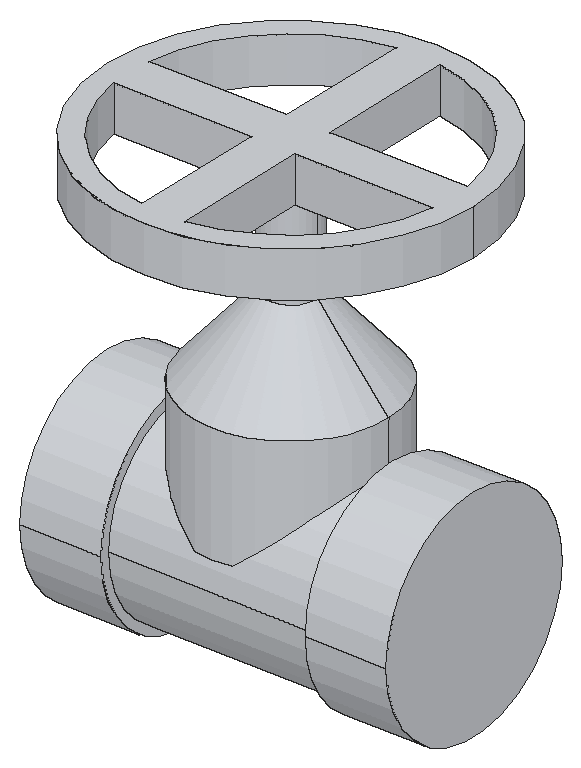
Revit family "Válvula de passagem - 20-100 mm", category Acessórios do tubo, Revit 2019
Family settings
  Cota do conector redondo = Usar raio
  Tipo de parte = Válvula - Quebra entre
  ID de item do Seek = Gate Valve - 50-300 mm-0000-CAN-ENU
  Com base no plano de trabalho = Não
  Sempre na vertical = Sim
  Corte com vazios quando carregada = Não
  Compartilhado = Não
Parameters (values of type "20 mm")
  Material da válvula = none
  Largura do símbolo = 0.5 * Comprimento do corpo * tan(30.00°)  # 11.547 mm
  Raio do tronco = 1 / 2 * Diâmetro do tronco  # 3.00 mm
  Altura do tronco = 10.00 mm
  Diâmetro do tronco = 6.00 mm
  Diâmetro externo do soquete = 24.00 mm
  Altura aberta = 40.00 mm
  Raio nominal = 10 mm
  Diâmetro nominal = Raio nominal * 2  # 20 mm
  Método de perda = Coeficiente K
  K Coefficient = 1.14
  Raio externo do soquete = Diâmetro externo do soquete / 2  # 12.00 mm
  Altura da mão = 5.00 mm
  Raio da manivela = 1 / 2 * Diâmetro da manivela  # 20.00 mm
  Diâmetro da manivela = 40.00 mm
  Mão 2 = 2.40 mm
  Mão = 17.60 mm
  Espessura do flange = 8.80 mm
  Raio externo da conexão = 11.00 mm
  Diâmetro externo da conexão = 22.00 mm
  Raio da chapeleta = 1 / 2 * Diâmetro da chapeleta  # 10.75 mm
  Altura da chapeleta = 6.00 mm
  Diâmetro da chapeleta = 21.50 mm
  Comprimento do corpo = 40.00 mm
Types (10, lengths in mm): name | Largura do símbolo | Raio do tronco | Altura do tronco | Diâmetro do tronco | Diâmetro externo do soquete | Altura aberta | Raio nominal | Diâmetro nominal | K Coefficient | Raio externo do soquete | Altura da mão | Raio da manivela | Diâmetro da manivela | Mão 2 | Mão | Espessura do flange | Raio externo da conexão | Diâmetro externo da conexão | Raio da chapeleta | Altura da chapeleta | Diâmetro da chapeleta | Comprimento do corpo
  (no name) | 11.547 | 3.00 | 10.00 | 6.00 | 24.00 | 40.00 | 10 | 20 | 1.14 | 12.00 | 5.00 | 20.00 | 40.00 | 2.40 | 17.60 | 8.80 | 11.00 | 22.00 | 10.75 | 6.00 | 21.50 | 40.00
  50 mm | 28.868 | 7.50 | 25.00 | 15.00 | 60.00 | 100.00 | 25 | 50 | 0.81 | 30.00 | 12.50 | 50.00 | 100.00 | 6.00 | 44.00 | 22.00 | 27.50 | 55.00 | 27.25 | 15.00 | 54.50 | 100.00
  60 mm | 34.641 | 9.00 | 30.00 | 18.00 | 72.00 | 120.00 | 30 | 60 | 0.8 | 36.00 | 15.00 | 60.00 | 120.00 | 7.20 | 52.80 | 26.40 | 33.00 | 66.00 | 32.75 | 18.00 | 65.50 | 120.00
  85 mm | 49.075 | 12.75 | 42.50 | 25.50 | 102.00 | 170.00 | 42.5 | 85 | 0.78 | 51.00 | 21.25 | 85.00 | 170.00 | 10.20 | 74.80 | 37.40 | 46.75 | 93.50 | 46.50 | 25.50 | 93.00 | 170.00
  100 mm | 57.735 | 15.00 | 50.00 | 30.00 | 120.00 | 200.00 | 50 | 100 | 0.77 | 60.00 | 25.00 | 100.00 | 200.00 | 12.00 | 88.00 | 44.00 | 55.00 | 110.00 | 54.75 | 30.00 | 109.50 | 200.00
  75 mm | 43.301 | 11.25 | 37.50 | 22.50 | 90.00 | 150.00 | 37.5 | 75 | 0.79 | 45.00 | 18.75 | 75.00 | 150.00 | 9.00 | 66.00 | 33.00 | 41.25 | 82.50 | 41.00 | 22.50 | 82.00 | 150.00
  40 mm | 23.094 | 6.00 | 20.00 | 12.00 | 48.00 | 80.00 | 20 | 40 | 0.96 | 24.00 | 10.00 | 40.00 | 80.00 | 4.80 | 35.20 | 17.60 | 22.00 | 44.00 | 21.75 | 12.00 | 43.50 | 80.00
  32 mm | 18.475 | 4.80 | 16.00 | 9.60 | 38.40 | 64.00 | 16 | 32 | 1.05 | 19.20 | 8.00 | 32.00 | 64.00 | 3.84 | 28.16 | 14.08 | 17.60 | 35.20 | 17.35 | 9.60 | 34.70 | 64.00
  25 mm | 14.434 | 3.75 | 12.50 | 7.50 | 30.00 | 50.00 | 12.5 | 25 | 1.07 | 15.00 | 6.25 | 25.00 | 50.00 | 3.00 | 22.00 | 11.00 | 13.75 | 27.50 | 13.50 | 7.50 | 27.00 | 50.00
  20 mm | 11.547 | 3.00 | 10.00 | 6.00 | 24.00 | 40.00 | 10 | 20 | 1.14 | 12.00 | 5.00 | 20.00 | 40.00 | 2.40 | 17.60 | 8.80 | 11.00 | 22.00 | 10.75 | 6.00 | 21.50 | 40.00
Reference planes
  plane 1 "Centro (Frente/Trás)": y = 0
  plane 2: z = 0
  plane 3 "Centro (Esquerda/Direita)": x = 0
  plane 4: x = -20
  plane 5: x = 20
  plane 6: x = -11.2
  plane 7: x = 11.2
  plane 8: z = 40
  plane 9: z = 35
  plane 10: z = 25
  plane 11: z = 10
  plane 12: z = 16
  plane 13: y = 11.547
  plane 14: y = -11.547
  plane 15: y = 2.4
  plane 16: y = -2.4
  plane 17: x = 2.4
  plane 18: x = -2.4
Forms (mm)
  Extrusion 1, solid, material <- "Material da válvula", detail levels fine
    sketch origin (0, 0, 0) x (0, 1, 0) y (0, 0, 1)
      loop
        circle (0, 0) r 12
    from -20 to -11.2
  Extrusion 2, solid, material <- "Material da válvula", detail levels fine
    sketch origin (0, 0, 0) x (0, 1, 0) y (0, 0, 1)
      loop
        circle (0, 0) r 12
    from 11.2 to 20
  Extrusion 3, solid, material <- "Material da válvula", detail levels fine
    sketch origin (0, 0, 0) x (0, 1, 0) y (0, 0, 1)
      loop
        circle (0, 0) r 11
    from -11.2 to 11.2
  Extrusion 4, solid, material <- "Material da válvula", detail levels fine
    sketch origin (0, 0, 0) x (1, 0, 0) y (0, 1, 0)
      loop
        circle (0, 0) r 20
    from 35 to 40
  Extrusion 5, solid, material <- "Material da válvula", detail levels fine
    sketch origin (0, 0, 0) x (1, 0, 0) y (0, 1, 0)
      loop
        circle (0, 0) r 10.75
    from 0 to 16
  Extrusion 6, solid, material <- "Material da válvula", detail levels fine
    sketch origin (0, 0, 0) x (1, 0, 0) y (0, 1, 0)
      loop
        circle (0, 0) r 3
    from 25 to 35
  Blend 7, solid, material <- "Material da válvula", detail levels fine
    base sketch origin (0, 0, 0) x (1, 0, 0) y (0, 1, 0)
      loop
        circle (0, 0) r 10.75
    top sketch origin (0, 0, 0) x (1, 0, 0) y (0, 1, 0)
      loop
        circle (0, 0) r 3
    from 16 to 25
  Extrusion 8, void
    sketch origin (0, 0, 0) x (1, 0, 0) y (0, 1, 0)
      loop
        line (-17.436, 2.4) -> (-2.4, 2.4) -> (-2.4, 17.436)
        arc (-2.4, 17.436) -> (-12.445, 12.445) -> (-17.436, 2.4) r 17.6
      loop
        line (2.4, 17.436) -> (2.4, 2.4) -> (17.436, 2.4)
        arc (17.436, 2.4) -> (12.445, 12.445) -> (2.4, 17.436) r 17.6
      loop
        line (-2.4, -2.4) -> (-17.436, -2.4)
        arc (-17.436, -2.4) -> (-12.445, -12.445) -> (-2.4, -17.436) r 17.6
        line (-2.4, -17.436) -> (-2.4, -2.4)
      loop
        line (2.4, -2.4) -> (2.4, -17.436)
        arc (2.4, -17.436) -> (12.445, -12.445) -> (17.436, -2.4) r 17.6
        line (17.436, -2.4) -> (2.4, -2.4)
    from 35 to 40
Cuts and joins
  Extrusion 8 cuts Extrusion 1
  Extrusion 8 cuts Extrusion 2
  Extrusion 8 cuts Extrusion 3
  Extrusion 8 cuts Extrusion 4
  Extrusion 8 cuts Extrusion 5
  Extrusion 8 cuts Extrusion 6
  Extrusion 8 cuts Blend 7
  joined: Extrusion 1, Extrusion 2, Extrusion 3, Extrusion 4, Extrusion 5, Extrusion 6, Blend 7
Lines and regions (mm)
  model lines, detail levels coarse+medium
    curve 1: line (-20, 11.547, 0) -> (-20, -11.547, 0)
    curve 2: line (20, 11.547, 0) -> (20, -11.547, 0)
    curve 3: line (20, 11.547, 0) -> (-20, -11.547, 0)
    curve 4: line (-20, 11.547, 0) -> (20, -11.547, 0)
Dimensions and locks
  equal spacing: plane 4, plane 3 "Centro (Esquerda/Direita)", plane 5
  "Comprimento do corpo": plane 4 to plane 5
  "Espessura do flange": plane 4 to plane 6
  "Espessura do flange": plane 7 to plane 5
  "Altura do tronco": plane 9 to plane 10
  "Raio nominal": plane 11 to plane 2
  "Altura da chapeleta": plane 12 to plane 11
  "Largura do símbolo": plane 13 to plane 1 "Centro (Frente/Trás)"
  "Largura do símbolo": plane 14 to plane 1 "Centro (Frente/Trás)"
  equal spacing: plane 15, plane 1 "Centro (Frente/Trás)", plane 16
  equal spacing: plane 18, plane 3 "Centro (Esquerda/Direita)", plane 17
  "Mão 2": plane 3 "Centro (Esquerda/Direita)" to plane 17
  "Mão 2": plane 16 to plane 1 "Centro (Frente/Trás)"
  "Altura aberta": plane 8 to level
  "Altura da mão": plane 8 to plane 9
  "Raio externo do soquete": radius of Extrusion 1 sketch curve
  "Raio externo do soquete": radius of Extrusion 2 sketch curve
  "Raio externo da conexão": radius of Extrusion 3 sketch curve
  "Raio da manivela": radius of Extrusion 4 sketch curve
  "Raio da chapeleta": radius of Extrusion 5 sketch curve
  "Raio do tronco": radius of Extrusion 6 sketch curve
  "Raio da chapeleta": radius of Blend 7 sketch curve
  "Raio do tronco": radius of Blend 7 sketch curve
  "Mão": radius of Extrusion 8 sketch curve  (x4)
  aligned and locked: plane 2 to Extrusion 1 sketch curve
  aligned and locked: plane 1 "Centro (Frente/Trás)" to Extrusion 1 sketch curve
  aligned and locked: Extrusion 1 to plane 4
  aligned and locked: plane 6 to Extrusion 1
  aligned and locked: plane 2 to Extrusion 2 sketch curve
  aligned and locked: plane 1 "Centro (Frente/Trás)" to Extrusion 2 sketch curve
  aligned and locked: plane 5 to Extrusion 2
  aligned and locked: Extrusion 2 to plane 7
  aligned and locked: plane 2 to Extrusion 3 sketch curve
  aligned and locked: plane 1 "Centro (Frente/Trás)" to Extrusion 3 sketch curve
  aligned and locked: Extrusion 3 to plane 6
  aligned and locked: plane 7 to Extrusion 3
  aligned and locked: plane 1 "Centro (Frente/Trás)" to Extrusion 4 sketch curve
  aligned and locked: plane 3 "Centro (Esquerda/Direita)" to Extrusion 4 sketch curve
  aligned and locked: Extrusion 4 to plane 8
  aligned and locked: plane 9 to Extrusion 4
  aligned and locked: plane 1 "Centro (Frente/Trás)" to Extrusion 5 sketch curve
  aligned and locked: plane 3 "Centro (Esquerda/Direita)" to Extrusion 5 sketch curve
  aligned and locked: Extrusion 5 to plane 2
  aligned and locked: Extrusion 5 to plane 12
  aligned and locked: plane 1 "Centro (Frente/Trás)" to Extrusion 6 sketch curve
  aligned and locked: plane 3 "Centro (Esquerda/Direita)" to Extrusion 6 sketch curve
  aligned and locked: Extrusion 6 to plane 9
  aligned and locked: plane 10 to Extrusion 6
  aligned and locked: plane 1 "Centro (Frente/Trás)" to Blend 7 sketch curve  (x2)
  aligned and locked: plane 3 "Centro (Esquerda/Direita)" to Blend 7 sketch curve  (x2)
  aligned and locked: Blend 7 to plane 10
  aligned and locked: plane 12 to Blend 7
  aligned and locked: plane 13 to curve 1
  aligned and locked: plane 14 to curve 1
  aligned and locked: curve 1 to plane 4
  aligned and locked: plane 13 to curve 2
  aligned and locked: plane 14 to curve 2
  aligned and locked: curve 2 to plane 5
  aligned and locked: Extrusion 8 sketch curve to plane 15  (x2)
  aligned and locked: Extrusion 8 sketch curve to plane 18
  aligned and locked: Extrusion 8 sketch curve to plane 17
  aligned and locked: plane 18 to Extrusion 8 sketch curve
  aligned and locked: plane 16 to Extrusion 8 sketch curve
  aligned and locked: Extrusion 8 sketch curve to Extrusion 8 sketch curve
  aligned and locked: Extrusion 8 sketch curve to plane 16
  aligned and locked: Extrusion 4 to Extrusion 8  (x2)
  aligned and locked: plane 1 "Centro (Frente/Trás)" to Extrusion 8 sketch curve  (x4)
  aligned and locked: plane 3 "Centro (Esquerda/Direita)" to Extrusion 8 sketch curve  (x4)
Connectors
  piping at (-20, 0, 0), diameter 20, driven by "Raio nominal"
    settings: on cut or joined group of Extrusion 1, Extrusion 2, Extrusion 3, Extrusion 4, Extrusion 5, Extrusion 6, Blend 7, Extrusion 8, index 1, connector inside diameter 20 mm, connector length 0.00 mm, flow factor 0, pipe flow 0.0 L/s, pressure drop 0.0 Pa, fitting loss kfactor 0, connector angle 0.00°, fixture units 0, engagement length 0.00 mm, angle of deflection 0.00°, flow configuration 0, flow direction 0, fitting loss method 0, system type 29, joint type 0, gender type 0, connector reference index 2, connector utility 0, adjustable connector no, is connector primary yes, connector description ""
  piping at (20, 0, 0), diameter 20, driven by "Raio nominal", driven by "K Coefficient"
    settings: on cut or joined group of Extrusion 1, Extrusion 2, Extrusion 3, Extrusion 4, Extrusion 5, Extrusion 6, Blend 7, Extrusion 8, index 2, connector inside diameter 20 mm, connector length 0.00 mm, flow factor 0, pipe flow 0.0 L/s, pressure drop 0.0 Pa, fitting loss kfactor 1.14, connector angle 0.00°, fixture units 0, engagement length 0.00 mm, angle of deflection 0.00°, flow configuration 0, flow direction 0, fitting loss method 0, system type 29, joint type 0, gender type 0, connector reference index 1, connector utility 0, adjustable connector no, is connector primary no, connector description ""
